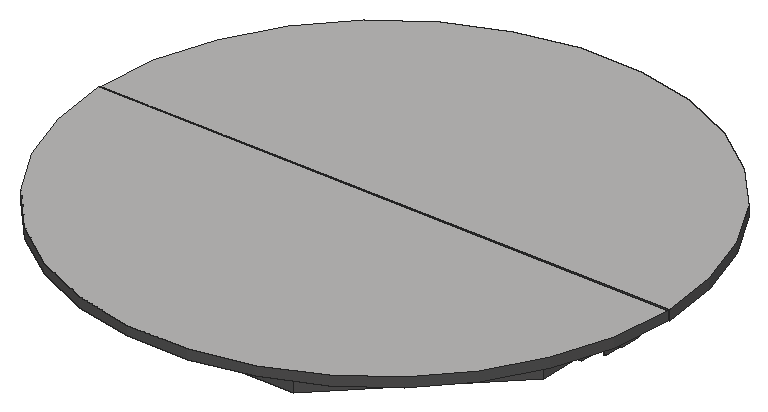
Revit family "22M 48 Round", category Furniture, Revit 2016
Family settings
  OmniClass Number = 23.40.20.00
  OmniClass Title = General Furniture and Specialties
  Work Plane-Based = No
  Always vertical = Yes
  Cut with Voids When Loaded = No
  Shared = No
  Room Calculation Point = No
Parameters
  Top [instance] = Palmer Hamilton Lt Gry
  Open [instance] = yes
  Model = "22M132948RD"
  Height [instance] = 2' - 5"
  Frame [instance] = Palmer Hamilton Black
  Edge [instance] = Palmer Hamilton Black
  Closed [instance] = no
Reference planes (in)
  plane 1 "Center Front/Back": y = 0
  plane 2: z = 0
  plane 3 "Center Left/Right": x = 0
  plane 4: z = 29
  plane 5: z = 28.1875
Forms (in)
  Extrusion 1, solid, visible <- "Open"
    sketch origin (0, 0, 0) x (1, 0, 0) y (0, 1, 0)
      loop
        arc (-23.99992, -0.0625) -> (0, -24) -> (23.99992, -0.0625) r 24
        line (23.99992, -0.0625) -> (-23.99992, -0.0625)
    from 28.1875 to 29
  Extrusion 2, solid, material "Palmer Hamilton Black" <- "Frame", visible <- "Open"
    sketch origin (0, 0, 0) x (1, 0, 0) y (0, 1, 0)
      loop
        line (-20.0625, -5) -> (-20.0625, -8.28854) -> (-8.35104, -20) -> (8.35104, -20) -> (20.0625, -8.28854) -> (20.0625, -5) -> (19.5625, -5) -> (19.5625, -8.08144) -> (8.14394, -19.5) -> (-8.14394, -19.5) -> (-19.5625, -8.08144) -> (-19.5625, -5) -> (-20.0625, -5)
    from 26.04911 to 28.1875
  Extrusion 3, solid, visible <- "Closed"
    sketch origin (0, 23.4815, 38.40979) x (1, 0, 0) y (0, 0.017452, 0.999848)
      loop
        arc (-23.98751, -0.80703) -> (0, -24.48596) -> (23.98751, -0.80703) r 23.98952
        line (23.98751, -0.80703) -> (-23.98751, -0.80703)
    from 26.1875 to 27
  Extrusion 4, solid, material "Palmer Hamilton Black" <- "Frame", visible <- "Closed"
    sketch origin (0, 23.46852, 37.6661) x (1, 0, 0) y (0, 0.017452, 0.999848)
      loop
        line (-20.0625, -5.00072) -> (-20.0625, -8.28854) -> (-8.35104, -20) -> (8.35104, -20) -> (20.0625, -8.28854) -> (20.0625, -5) -> (19.5625, -5) -> (19.5625, -8.08144) -> (8.14394, -19.5) -> (-8.14394, -19.5) -> (-19.5625, -8.08144) -> (-19.5625, -5.00072) -> (-20.0625, -5.00072)
    from 24.04911 to 26.1875
  Extrusion 5, solid, visible <- "Open"
    sketch origin (0, 0, 0) x (-1, 0, 0) y (0, -1, 0)
      loop
        arc (-23.99992, -0.0625) -> (0, -24) -> (23.99992, -0.0625) r 24
        line (23.99992, -0.0625) -> (-23.99992, -0.0625)
    from 28.1875 to 29
  Extrusion 6, solid, material "Palmer Hamilton Black" <- "Frame", visible <- "Open"
    sketch origin (0, 0, 0) x (-1, 0, 0) y (0, -1, 0)
      loop
        line (-20.0625, -5) -> (-20.0625, -8.28854) -> (-8.35104, -20) -> (8.35104, -20) -> (20.0625, -8.28854) -> (20.0625, -5) -> (19.5625, -5) -> (19.5625, -8.08144) -> (8.14394, -19.5) -> (-8.14394, -19.5) -> (-19.5625, -8.08144) -> (-19.5625, -5) -> (-20.0625, -5)
    from 26.04911 to 28.1875
  Extrusion 7, solid, visible <- "Closed"
    sketch origin (0, -23.4815, 38.40979) x (-1, 0, 0) y (0, -0.017452, 0.999848)
      loop
        arc (-23.98751, -0.80703) -> (0, -24.48596) -> (23.98751, -0.80703) r 23.98952
        line (23.98751, -0.80703) -> (-23.98751, -0.80703)
    from 26.1875 to 27
  Extrusion 8, solid, material "Palmer Hamilton Black" <- "Frame", visible <- "Closed"
    sketch origin (0, -23.46852, 37.6661) x (-1, 0, 0) y (0, -0.017452, 0.999848)
      loop
        line (-20.0625, -5.00072) -> (-20.0625, -8.28854) -> (-8.35104, -20) -> (8.35104, -20) -> (20.0625, -8.28854) -> (20.0625, -5) -> (19.5625, -5) -> (19.5625, -8.08144) -> (8.14394, -19.5) -> (-8.14394, -19.5) -> (-19.5625, -8.08144) -> (-19.5625, -5.00072) -> (-20.0625, -5.00072)
    from 24.04911 to 26.1875
  Extrusion 9, solid, material "Palmer Hamilton Black" <- "Frame", visible <- "Open"
    sketch origin (0, 0, 5) x (0, 1, 0) y (0, 0, 1)
      loop
        line (0.5625, 20.44279) -> (0.5625, 22.17483) -> (-1.05432, 22.17483) -> (-1.05432, 22.61495) -> (-2.319, 22.61495) -> (-2.319, 23.1875) -> (-11.819, 23.1875) -> (-11.819, 21.04911) -> (-4.819, 21.04911) -> (-4.12777, 20.56511) -> (-2.19922, 20.56511)
        arc (-2.19922, 20.56511) -> (-1.96819, 20.47396) -> (-1.80353, 20.28804) r 0.53311
        line (-1.80353, 20.28804) -> (-1.74766, 20.07952)
        arc (-1.74766, 20.07952) -> (-1.6893, 19.93864) -> (-1.54842, 19.88029) r 0.19923
        line (-1.54842, 19.88029) -> (0, 19.88029)
        arc (0, 19.88029) -> (0.39775, 20.04504) -> (0.5625, 20.44279) r 0.5625
    from -14.745 to -14.6404
  Extrusion 10, solid, material "Palmer Hamilton Black" <- "Frame", visible <- "Open"
    sketch origin (0, 0, 5) x (0, 1, 0) y (0, 0, 1)
      loop
        line (0.5625, 20.44279) -> (0.5625, 22.17483) -> (-1.05432, 22.17483) -> (-1.05432, 22.61495) -> (-2.319, 22.61495) -> (-2.319, 23.1875) -> (-7.92553, 23.1875) -> (-7.92553, 21.04911) -> (-4.819, 21.04911) -> (-4.12777, 20.56511) -> (-2.19922, 20.56511)
        arc (-2.19922, 20.56511) -> (-1.96819, 20.47396) -> (-1.80353, 20.28804) r 0.53311
        line (-1.80353, 20.28804) -> (-1.74766, 20.07952)
        arc (-1.74766, 20.07952) -> (-1.6893, 19.93864) -> (-1.54842, 19.88029) r 0.19923
        line (-1.54842, 19.88029) -> (0, 19.88029)
        arc (0, 19.88029) -> (0.39775, 20.04504) -> (0.5625, 20.44279) r 0.5625
    from -20.12 to -20
  Extrusion 11, solid, material "Palmer Hamilton Black" <- "Frame", visible <- "Open"
    sketch origin (0, 0, 5) x (0, 1, 0) y (0, 0, 1)
      loop
        line (0.5625, 20.44279) -> (0.5625, 22.17483) -> (-1.05432, 22.17483) -> (-1.05432, 22.61495) -> (-2.319, 22.61495) -> (-2.319, 23.1875) -> (-11.819, 23.1875) -> (-11.819, 21.04911) -> (-4.819, 21.04911) -> (-4.12777, 20.56511) -> (-2.19922, 20.56511)
        arc (-2.19922, 20.56511) -> (-1.96819, 20.47396) -> (-1.80353, 20.28804) r 0.53311
        line (-1.80353, 20.28804) -> (-1.74766, 20.07952)
        arc (-1.74766, 20.07952) -> (-1.6893, 19.93864) -> (-1.54842, 19.88029) r 0.19923
        line (-1.54842, 19.88029) -> (0, 19.88029)
        arc (0, 19.88029) -> (0.39775, 20.04504) -> (0.5625, 20.44279) r 0.5625
    from 14.5204 to 14.625
  Extrusion 12, solid, material "Palmer Hamilton Black" <- "Frame", visible <- "Open"
    sketch origin (0, 0, 5) x (0, 1, 0) y (0, 0, 1)
      loop
        line (0.5625, 20.44279) -> (0.5625, 22.17483) -> (-1.05432, 22.17483) -> (-1.05432, 22.61495) -> (-2.319, 22.61495) -> (-2.319, 23.1875) -> (-8.11977, 23.1875) -> (-8.11977, 21.04911) -> (-4.819, 21.04911) -> (-4.12777, 20.56511) -> (-2.19922, 20.56511)
        arc (-2.19922, 20.56511) -> (-1.96819, 20.47396) -> (-1.80353, 20.28804) r 0.53311
        line (-1.80353, 20.28804) -> (-1.74766, 20.07952)
        arc (-1.74766, 20.07952) -> (-1.6893, 19.93864) -> (-1.54842, 19.88029) r 0.19923
        line (-1.54842, 19.88029) -> (0, 19.88029)
        arc (0, 19.88029) -> (0.39775, 20.04504) -> (0.5625, 20.44279) r 0.5625
    from 19.8804 to 20
  Extrusion 13, solid, material "Palmer Hamilton Black" <- "Frame", visible <- "Closed"
    sketch origin (0, 23.43372, 40.67249) x (0, 0.017452, 0.999848) y (0, -0.999848, 0.017452)
      loop
        line (-2.43704, 23.39043) -> (-2.43704, 25.12248) -> (-4.05386, 25.12248) -> (-4.05386, 25.5626) -> (-5.31854, 25.5626) -> (-5.31854, 26.13514) -> (-14.81854, 26.13514) -> (-14.81854, 23.99675) -> (-7.81854, 23.99675) -> (-7.12731, 23.51275) -> (-5.19876, 23.51275)
        arc (-5.19876, 23.51275) -> (-4.96774, 23.4216) -> (-4.80307, 23.23569) r 0.53311
        line (-4.80307, 23.23569) -> (-4.7472, 23.02716)
        arc (-4.7472, 23.02716) -> (-4.68885, 22.88628) -> (-4.54797, 22.82793) r 0.19923
        line (-4.54797, 22.82793) -> (-2.99954, 22.82793)
        arc (-2.99954, 22.82793) -> (-2.6018, 22.99268) -> (-2.43704, 23.39043) r 0.5625
    from -14.745 to -14.6404
  Extrusion 14, solid, material "Palmer Hamilton Black" <- "Frame", visible <- "Closed"
    sketch origin (0, 23.43372, 40.67249) x (0, 0.017452, 0.999848) y (0, -0.999848, 0.017452)
      loop
        line (-2.43704, 23.39043) -> (-2.43704, 25.12248) -> (-4.05386, 25.12248) -> (-4.05386, 25.5626) -> (-5.31854, 25.5626) -> (-5.31854, 26.13514) -> (-14.81854, 26.13514) -> (-14.81854, 23.99675) -> (-7.81854, 23.99675) -> (-7.12731, 23.51275) -> (-5.19876, 23.51275)
        arc (-5.19876, 23.51275) -> (-4.96774, 23.4216) -> (-4.80307, 23.23569) r 0.53311
        line (-4.80307, 23.23569) -> (-4.7472, 23.02716)
        arc (-4.7472, 23.02716) -> (-4.68885, 22.88628) -> (-4.54797, 22.82793) r 0.19923
        line (-4.54797, 22.82793) -> (-2.99954, 22.82793)
        arc (-2.99954, 22.82793) -> (-2.6018, 22.99268) -> (-2.43704, 23.39043) r 0.5625
    from -20.12 to -20
  Extrusion 15, solid, material "Palmer Hamilton Black" <- "Frame", visible <- "Closed"
    sketch origin (0, 23.43372, 40.67249) x (0, 0.017452, 0.999848) y (0, -0.999848, 0.017452)
      loop
        line (-2.43704, 23.39043) -> (-2.43704, 25.12248) -> (-4.05386, 25.12248) -> (-4.05386, 25.5626) -> (-5.31854, 25.5626) -> (-5.31854, 26.13514) -> (-14.81854, 26.13514) -> (-14.81854, 23.99675) -> (-7.81854, 23.99675) -> (-7.12731, 23.51275) -> (-5.19876, 23.51275)
        arc (-5.19876, 23.51275) -> (-4.96774, 23.4216) -> (-4.80307, 23.23569) r 0.53311
        line (-4.80307, 23.23569) -> (-4.7472, 23.02716)
        arc (-4.7472, 23.02716) -> (-4.68885, 22.88628) -> (-4.54797, 22.82793) r 0.19923
        line (-4.54797, 22.82793) -> (-2.99954, 22.82793)
        arc (-2.99954, 22.82793) -> (-2.6018, 22.99268) -> (-2.43704, 23.39043) r 0.5625
    from 14.5204 to 14.625
  Extrusion 16, solid, material "Palmer Hamilton Black" <- "Frame", visible <- "Closed"
    sketch origin (0, 23.43372, 40.67249) x (0, 0.017452, 0.999848) y (0, -0.999848, 0.017452)
      loop
        line (-2.43704, 23.39043) -> (-2.43704, 25.12248) -> (-4.05386, 25.12248) -> (-4.05386, 25.5626) -> (-5.31854, 25.5626) -> (-5.31854, 26.13514) -> (-14.81854, 26.13514) -> (-14.81854, 23.99675) -> (-7.81854, 23.99675) -> (-7.12731, 23.51275) -> (-5.19876, 23.51275)
        arc (-5.19876, 23.51275) -> (-4.96774, 23.4216) -> (-4.80307, 23.23569) r 0.53311
        line (-4.80307, 23.23569) -> (-4.7472, 23.02716)
        arc (-4.7472, 23.02716) -> (-4.68885, 22.88628) -> (-4.54797, 22.82793) r 0.19923
        line (-4.54797, 22.82793) -> (-2.99954, 22.82793)
        arc (-2.99954, 22.82793) -> (-2.6018, 22.99268) -> (-2.43704, 23.39043) r 0.5625
    from 19.8804 to 20
  Extrusion 17, solid, material "Palmer Hamilton Black" <- "Frame", visible <- "Closed"
    sketch origin (0, 23.43372, 40.67249) x (0, 0.017452, 0.999848) y (0, -0.999848, 0.017452)
      loop
        line (-2.43704, 23.39043) -> (-2.43704, 25.12248) -> (-4.05386, 25.12248) -> (-4.05386, 25.5626) -> (-5.31854, 25.5626) -> (-5.31854, 26.13514) -> (-14.81854, 26.13514) -> (-14.81854, 23.99675) -> (-7.81854, 23.99675) -> (-7.12731, 23.51275) -> (-5.19876, 23.51275)
        arc (-5.19876, 23.51275) -> (-4.96774, 23.4216) -> (-4.80307, 23.23569) r 0.53311
        line (-4.80307, 23.23569) -> (-4.7472, 23.02716)
        arc (-4.7472, 23.02716) -> (-4.68885, 22.88628) -> (-4.54797, 22.82793) r 0.19923
        line (-4.54797, 22.82793) -> (-2.99954, 22.82793)
        arc (-2.99954, 22.82793) -> (-2.6018, 22.99268) -> (-2.43704, 23.39043) r 0.5625
    from -1.40625 to -1.28125
  Extrusion 18, solid, material "Palmer Hamilton Black" <- "Frame", visible <- "Open"
    sketch origin (0, 0, 5) x (0, 1, 0) y (0, 0, 1)
      loop
        line (0.5625, 20.44279) -> (0.5625, 22.17483) -> (-1.05432, 22.17483) -> (-1.05432, 22.61495) -> (-2.319, 22.61495) -> (-2.319, 23.1875) -> (-11.819, 23.1875) -> (-11.819, 21.04911) -> (-4.819, 21.04911) -> (-4.12777, 20.56511) -> (-2.19922, 20.56511)
        arc (-2.19922, 20.56511) -> (-1.96819, 20.47396) -> (-1.80353, 20.28804) r 0.53311
        line (-1.80353, 20.28804) -> (-1.74766, 20.07952)
        arc (-1.74766, 20.07952) -> (-1.6893, 19.93864) -> (-1.54842, 19.88029) r 0.19923
        line (-1.54842, 19.88029) -> (0, 19.88029)
        arc (0, 19.88029) -> (0.39775, 20.04504) -> (0.5625, 20.44279) r 0.5625
    from -1.40625 to -1.28125
  Extrusion 19, solid, material "Palmer Hamilton Black" <- "Frame", visible <- "Open"
    sketch origin (0, 0, 5) x (0, -1, 0) y (0, 0, 1)
      loop
        line (0.5625, 20.44279) -> (0.5625, 22.17483) -> (-1.05432, 22.17483) -> (-1.05432, 22.61495) -> (-2.319, 22.61495) -> (-2.319, 23.1875) -> (-11.819, 23.1875) -> (-11.819, 21.04911) -> (-4.819, 21.04911) -> (-4.12777, 20.56511) -> (-2.19922, 20.56511)
        arc (-2.19922, 20.56511) -> (-1.96819, 20.47396) -> (-1.80353, 20.28804) r 0.53311
        line (-1.80353, 20.28804) -> (-1.74766, 20.07952)
        arc (-1.74766, 20.07952) -> (-1.6893, 19.93864) -> (-1.54842, 19.88029) r 0.19923
        line (-1.54842, 19.88029) -> (0, 19.88029)
        arc (0, 19.88029) -> (0.39775, 20.04504) -> (0.5625, 20.44279) r 0.5625
    from -14.745 to -14.6404
  Extrusion 20, solid, material "Palmer Hamilton Black" <- "Frame", visible <- "Open"
    sketch origin (0, 0, 5) x (0, -1, 0) y (0, 0, 1)
      loop
        line (0.5625, 20.44279) -> (0.5625, 22.17483) -> (-1.05432, 22.17483) -> (-1.05432, 22.61495) -> (-2.319, 22.61495) -> (-2.319, 23.1875) -> (-8.00208, 23.1875) -> (-8.00208, 21.04911) -> (-4.819, 21.04911) -> (-4.12777, 20.56511) -> (-2.19922, 20.56511)
        arc (-2.19922, 20.56511) -> (-1.96819, 20.47396) -> (-1.80353, 20.28804) r 0.53311
        line (-1.80353, 20.28804) -> (-1.74766, 20.07952)
        arc (-1.74766, 20.07952) -> (-1.6893, 19.93864) -> (-1.54842, 19.88029) r 0.19923
        line (-1.54842, 19.88029) -> (0, 19.88029)
        arc (0, 19.88029) -> (0.39775, 20.04504) -> (0.5625, 20.44279) r 0.5625
    from -20.12 to -20
  Extrusion 21, solid, material "Palmer Hamilton Black" <- "Frame", visible <- "Open"
    sketch origin (0, 0, 5) x (0, -1, 0) y (0, 0, 1)
      loop
        line (0.5625, 20.44279) -> (0.5625, 22.17483) -> (-1.05432, 22.17483) -> (-1.05432, 22.61495) -> (-2.319, 22.61495) -> (-2.319, 23.1875) -> (-11.819, 23.1875) -> (-11.819, 21.04911) -> (-4.819, 21.04911) -> (-4.12777, 20.56511) -> (-2.19922, 20.56511)
        arc (-2.19922, 20.56511) -> (-1.96819, 20.47396) -> (-1.80353, 20.28804) r 0.53311
        line (-1.80353, 20.28804) -> (-1.74766, 20.07952)
        arc (-1.74766, 20.07952) -> (-1.6893, 19.93864) -> (-1.54842, 19.88029) r 0.19923
        line (-1.54842, 19.88029) -> (0, 19.88029)
        arc (0, 19.88029) -> (0.39775, 20.04504) -> (0.5625, 20.44279) r 0.5625
    from 14.5204 to 14.625
  Extrusion 22, solid, material "Palmer Hamilton Black" <- "Frame", visible <- "Open"
    sketch origin (0, 0, 5) x (0, -1, 0) y (0, 0, 1)
      loop
        line (0.5625, 20.44279) -> (0.5625, 22.17483) -> (-1.05432, 22.17483) -> (-1.05432, 22.61495) -> (-2.319, 22.61495) -> (-2.319, 23.1875) -> (-7.90496, 23.1875) -> (-7.90496, 21.04911) -> (-4.819, 21.04911) -> (-4.12777, 20.56511) -> (-2.19922, 20.56511)
        arc (-2.19922, 20.56511) -> (-1.96819, 20.47396) -> (-1.80353, 20.28804) r 0.53311
        line (-1.80353, 20.28804) -> (-1.74766, 20.07952)
        arc (-1.74766, 20.07952) -> (-1.6893, 19.93864) -> (-1.54842, 19.88029) r 0.19923
        line (-1.54842, 19.88029) -> (0, 19.88029)
        arc (0, 19.88029) -> (0.39775, 20.04504) -> (0.5625, 20.44279) r 0.5625
    from 19.8804 to 20
  Extrusion 23, solid, material "Palmer Hamilton Black" <- "Frame", visible <- "Closed"
    sketch origin (0, -23.43372, 40.67249) x (0, -0.017452, 0.999848) y (0, 0.999848, 0.017452)
      loop
        line (-2.43704, 23.39043) -> (-2.43704, 25.12248) -> (-4.05386, 25.12248) -> (-4.05386, 25.5626) -> (-5.31854, 25.5626) -> (-5.31854, 26.13514) -> (-14.81854, 26.13514) -> (-14.81854, 23.99675) -> (-7.81854, 23.99675) -> (-7.12731, 23.51275) -> (-5.19876, 23.51275)
        arc (-5.19876, 23.51275) -> (-4.96774, 23.4216) -> (-4.80307, 23.23569) r 0.53311
        line (-4.80307, 23.23569) -> (-4.7472, 23.02716)
        arc (-4.7472, 23.02716) -> (-4.68885, 22.88628) -> (-4.54797, 22.82793) r 0.19923
        line (-4.54797, 22.82793) -> (-2.99954, 22.82793)
        arc (-2.99954, 22.82793) -> (-2.6018, 22.99268) -> (-2.43704, 23.39043) r 0.5625
    from -14.745 to -14.6404
  Extrusion 24, solid, material "Palmer Hamilton Black" <- "Frame", visible <- "Closed"
    sketch origin (0, -23.43372, 40.67249) x (0, -0.017452, 0.999848) y (0, 0.999848, 0.017452)
      loop
        line (-2.43704, 23.39043) -> (-2.43704, 25.12248) -> (-4.05386, 25.12248) -> (-4.05386, 25.5626) -> (-5.31854, 25.5626) -> (-5.31854, 26.13514) -> (-14.81854, 26.13514) -> (-14.81854, 23.99675) -> (-7.81854, 23.99675) -> (-7.12731, 23.51275) -> (-5.19876, 23.51275)
        arc (-5.19876, 23.51275) -> (-4.96774, 23.4216) -> (-4.80307, 23.23569) r 0.53311
        line (-4.80307, 23.23569) -> (-4.7472, 23.02716)
        arc (-4.7472, 23.02716) -> (-4.68885, 22.88628) -> (-4.54797, 22.82793) r 0.19923
        line (-4.54797, 22.82793) -> (-2.99954, 22.82793)
        arc (-2.99954, 22.82793) -> (-2.6018, 22.99268) -> (-2.43704, 23.39043) r 0.5625
    from -20.12 to -20
  Extrusion 25, solid, material "Palmer Hamilton Black" <- "Frame", visible <- "Closed"
    sketch origin (0, -23.43372, 40.67249) x (0, -0.017452, 0.999848) y (0, 0.999848, 0.017452)
      loop
        line (-2.43704, 23.39043) -> (-2.43704, 25.12248) -> (-4.05386, 25.12248) -> (-4.05386, 25.5626) -> (-5.31854, 25.5626) -> (-5.31854, 26.13514) -> (-14.81854, 26.13514) -> (-14.81854, 23.99675) -> (-7.81854, 23.99675) -> (-7.12731, 23.51275) -> (-5.19876, 23.51275)
        arc (-5.19876, 23.51275) -> (-4.96774, 23.4216) -> (-4.80307, 23.23569) r 0.53311
        line (-4.80307, 23.23569) -> (-4.7472, 23.02716)
        arc (-4.7472, 23.02716) -> (-4.68885, 22.88628) -> (-4.54797, 22.82793) r 0.19923
        line (-4.54797, 22.82793) -> (-2.99954, 22.82793)
        arc (-2.99954, 22.82793) -> (-2.6018, 22.99268) -> (-2.43704, 23.39043) r 0.5625
    from 14.5204 to 14.625
  Extrusion 26, solid, material "Palmer Hamilton Black" <- "Frame", visible <- "Closed"
    sketch origin (0, -23.43372, 40.67249) x (0, -0.017452, 0.999848) y (0, 0.999848, 0.017452)
      loop
        line (-2.43704, 23.39043) -> (-2.43704, 25.12248) -> (-4.05386, 25.12248) -> (-4.05386, 25.5626) -> (-5.31854, 25.5626) -> (-5.31854, 26.13514) -> (-14.81854, 26.13514) -> (-14.81854, 23.99675) -> (-7.81854, 23.99675) -> (-7.12731, 23.51275) -> (-5.19876, 23.51275)
        arc (-5.19876, 23.51275) -> (-4.96774, 23.4216) -> (-4.80307, 23.23569) r 0.53311
        line (-4.80307, 23.23569) -> (-4.7472, 23.02716)
        arc (-4.7472, 23.02716) -> (-4.68885, 22.88628) -> (-4.54797, 22.82793) r 0.19923
        line (-4.54797, 22.82793) -> (-2.99954, 22.82793)
        arc (-2.99954, 22.82793) -> (-2.6018, 22.99268) -> (-2.43704, 23.39043) r 0.5625
    from 19.8804 to 20
  Extrusion 27, solid, material "Palmer Hamilton Black" <- "Frame", visible <- "Closed"
    sketch origin (0, -23.43372, 40.67249) x (0, -0.017452, 0.999848) y (0, 0.999848, 0.017452)
      loop
        line (-2.43704, 23.39043) -> (-2.43704, 25.12248) -> (-4.05386, 25.12248) -> (-4.05386, 25.5626) -> (-5.31854, 25.5626) -> (-5.31854, 26.13514) -> (-14.81854, 26.13514) -> (-14.81854, 23.99675) -> (-7.81854, 23.99675) -> (-7.12731, 23.51275) -> (-5.19876, 23.51275)
        arc (-5.19876, 23.51275) -> (-4.96774, 23.4216) -> (-4.80307, 23.23569) r 0.53311
        line (-4.80307, 23.23569) -> (-4.7472, 23.02716)
        arc (-4.7472, 23.02716) -> (-4.68885, 22.88628) -> (-4.54797, 22.82793) r 0.19923
        line (-4.54797, 22.82793) -> (-2.99954, 22.82793)
        arc (-2.99954, 22.82793) -> (-2.6018, 22.99268) -> (-2.43704, 23.39043) r 0.5625
    from -1.40625 to -1.28125
  Extrusion 28, solid, material "Palmer Hamilton Black" <- "Frame", visible <- "Open"
    sketch origin (0, 0, 5) x (0, -1, 0) y (0, 0, 1)
      loop
        line (0.5625, 20.44279) -> (0.5625, 22.17483) -> (-1.05432, 22.17483) -> (-1.05432, 22.61495) -> (-2.319, 22.61495) -> (-2.319, 23.1875) -> (-11.819, 23.1875) -> (-11.819, 21.04911) -> (-4.819, 21.04911) -> (-4.12777, 20.56511) -> (-2.19922, 20.56511)
        arc (-2.19922, 20.56511) -> (-1.96819, 20.47396) -> (-1.80353, 20.28804) r 0.53311
        line (-1.80353, 20.28804) -> (-1.74766, 20.07952)
        arc (-1.74766, 20.07952) -> (-1.6893, 19.93864) -> (-1.54842, 19.88029) r 0.19923
        line (-1.54842, 19.88029) -> (0, 19.88029)
        arc (0, 19.88029) -> (0.39775, 20.04504) -> (0.5625, 20.44279) r 0.5625
    from -1.40625 to -1.28125
Dimensions and locks (in)
  locked: plane 4 to plane 5 at 0.8125
  "Height": plane 4 to level
  locked: Extrusion 1 sketch curve to plane 1 "Center Front/Back" at 0.0625
  locked: Extrusion 2 to plane 5 at 2.13839
  aligned and locked: level to plane 2
  aligned and locked: plane 4 to Extrusion 1
  aligned and locked: plane 5 to Extrusion 1
  aligned and locked: Extrusion 2 to plane 5
  aligned and locked: plane 4 to Extrusion 5
  aligned and locked: plane 5 to Extrusion 5
  aligned and locked: Extrusion 6 to plane 5
  aligned and locked: Extrusion 6 to Extrusion 2
Automatic sketch dimensions
  plane 1 "Center Front/Back" to Extrusion 1 sketch curve = 0' - 0"
  Extrusion 1 sketch curve to plane 3 "Center Left/Right" = 0' - 0"
  Extrusion 1 sketch curve to plane 3 "Center Left/Right" = 1' - 11.99992"
  plane 1 "Center Front/Back" to Extrusion 2 sketch curve = 0' - 8.28854"
  Extrusion 2 sketch curve to plane 3 "Center Left/Right" = 1' - 8 1/16"
  plane 1 "Center Front/Back" to Extrusion 2 sketch curve = 0' - 8.08144"
  Extrusion 2 sketch curve to Extrusion 2 sketch curve = 0' - 0 1/2"  (x3)
  Extrusion 2 sketch curve to plane 3 "Center Left/Right" = 0' - 8.35104"
  Extrusion 2 sketch curve to Extrusion 2 sketch curve = 0' - 0.20711"  (x3)
  plane 3 "Center Left/Right" to Extrusion 2 sketch curve = 0' - 8.14394"
  plane 1 "Center Front/Back" to Extrusion 2 sketch curve = 0' - 5"
  Extrusion 2 sketch curve to Extrusion 2 sketch curve = 0' - 11.41856"
  Extrusion 2 sketch curve to Extrusion 2 sketch curve = 1' - 2 1/2"
  Extrusion 2 sketch curve to Extrusion 2 sketch curve = 0' - 3.28854"
  Extrusion 2 sketch curve to Extrusion 2 sketch curve = 0' - 3.08144"
  Extrusion 3 sketch curve to Extrusion 3 sketch curve = 0' - 0.31059"
  Extrusion 4 sketch curve to Extrusion 4 sketch curve = 0' - 0 1/2"  (x3)
  Extrusion 4 sketch curve to Extrusion 4 sketch curve = 0' - 0.20711"  (x4)
  Extrusion 4 sketch curve to Extrusion 4 sketch curve = 0' - 11.41856"
  Extrusion 4 sketch curve to Extrusion 4 sketch curve = 0' - 11.21146"  (x3)
  Extrusion 4 sketch curve to Extrusion 4 sketch curve = 0' - 3.08072"
  Extrusion 4 sketch curve to Extrusion 4 sketch curve = 0' - 3.08144"
  Extrusion 3 sketch curve to Extrusion 3 sketch curve = 1' - 11.98751"
  Extrusion 4 sketch curve to Extrusion 4 sketch curve = 1' - 4.28787"
  Extrusion 3 sketch curve to plane 3 "Center Left/Right" = 0' - 0"
  Extrusion 4 sketch curve to plane 3 "Center Left/Right" = 1' - 8 1/16"
  plane 1 "Center Front/Back" to Extrusion 5 sketch curve = 0' - 0"
  Extrusion 5 sketch curve to plane 3 "Center Left/Right" = 0' - 0"
  Extrusion 5 sketch curve to plane 1 "Center Front/Back" = 0' - 0 1/16"
  plane 3 "Center Left/Right" to Extrusion 5 sketch curve = 1' - 11.99992"
  Extrusion 6 sketch curve to plane 1 "Center Front/Back" = 0' - 8.28854"
  plane 3 "Center Left/Right" to Extrusion 6 sketch curve = 1' - 8 1/16"
  Extrusion 6 sketch curve to plane 1 "Center Front/Back" = 0' - 8.08144"
  Extrusion 6 sketch curve to Extrusion 6 sketch curve = 0' - 0 1/2"  (x3)
  plane 3 "Center Left/Right" to Extrusion 6 sketch curve = 0' - 8.35104"
  Extrusion 6 sketch curve to Extrusion 6 sketch curve = 0' - 0.20711"  (x3)
  Extrusion 6 sketch curve to plane 3 "Center Left/Right" = 0' - 8.14394"
  Extrusion 6 sketch curve to plane 1 "Center Front/Back" = 0' - 5"
  Extrusion 6 sketch curve to Extrusion 6 sketch curve = 0' - 11.41856"
  Extrusion 6 sketch curve to Extrusion 6 sketch curve = 1' - 2 1/2"
  Extrusion 6 sketch curve to Extrusion 6 sketch curve = 0' - 3.28854"
  Extrusion 6 sketch curve to Extrusion 6 sketch curve = 0' - 3.08144"
  Extrusion 7 sketch curve to plane 3 "Center Left/Right" = 0' - 0"
  plane 3 "Center Left/Right" to Extrusion 7 sketch curve = 1' - 11.98751"
  Extrusion 7 sketch curve to Extrusion 7 sketch curve = 0' - 0.31059"
  plane 3 "Center Left/Right" to Extrusion 8 sketch curve = 1' - 8 1/16"
  Extrusion 8 sketch curve to Extrusion 8 sketch curve = 0' - 0 1/2"  (x3)
  plane 3 "Center Left/Right" to Extrusion 8 sketch curve = 0' - 8.35104"
  Extrusion 8 sketch curve to Extrusion 8 sketch curve = 0' - 0.20711"  (x4)
  Extrusion 8 sketch curve to plane 3 "Center Left/Right" = 0' - 8.14394"
  Extrusion 8 sketch curve to Extrusion 8 sketch curve = 0' - 11.41856"
  Extrusion 8 sketch curve to Extrusion 8 sketch curve = 0' - 11.21146"  (x2)
  Extrusion 8 sketch curve to Extrusion 8 sketch curve = 0' - 3.08072"
  Extrusion 8 sketch curve to Extrusion 8 sketch curve = 0' - 3.08144"
  Extrusion 9 sketch curve to plane 1 "Center Front/Back" = 0' - 0"
  plane 1 "Center Front/Back" to Extrusion 9 sketch curve = 0' - 1.05432"
  plane 1 "Center Front/Back" to Extrusion 9 sketch curve = 0' - 1.54842"
  Extrusion 9 sketch curve to Extrusion 9 sketch curve = 0' - 0 51/256"
  Extrusion 9 sketch curve to Extrusion 9 sketch curve = 0' - 0.05587"
  Extrusion 9 sketch curve to Extrusion 9 sketch curve = 0' - 0.39569"
  Extrusion 9 sketch curve to Extrusion 9 sketch curve = 0' - 0.52631"
  Extrusion 9 sketch curve to Extrusion 9 sketch curve = 0' - 1.26468"
  Extrusion 9 sketch curve to Extrusion 9 sketch curve = 0' - 1.8538"
  Extrusion 9 sketch curve to Extrusion 9 sketch curve = 0' - 0.69123"
  Extrusion 9 sketch curve to Extrusion 9 sketch curve = 0' - 7"
  Extrusion 9 sketch curve to plane 1 "Center Front/Back" = 0' - 0 9/16"
  plane 5 to Extrusion 9 sketch curve = 0' - 3.30721"
  Extrusion 9 sketch curve to Extrusion 9 sketch curve = 0' - 0.04225"
  Extrusion 9 sketch curve to Extrusion 9 sketch curve = 0' - 0.20852"
  Extrusion 9 sketch curve to Extrusion 9 sketch curve = 0' - 0.484"
  Extrusion 9 sketch curve to Extrusion 9 sketch curve = 0' - 1.73205"
  Extrusion 9 sketch curve to Extrusion 9 sketch curve = 0' - 0.44012"
  Extrusion 9 sketch curve to Extrusion 9 sketch curve = 0' - 0.57255"
  Extrusion 10 sketch curve to plane 1 "Center Front/Back" = 0' - 0"
  plane 1 "Center Front/Back" to Extrusion 10 sketch curve = 0' - 1.05432"
  plane 1 "Center Front/Back" to Extrusion 10 sketch curve = 0' - 1.54842"
  Extrusion 10 sketch curve to Extrusion 10 sketch curve = 0' - 0 51/256"
  Extrusion 10 sketch curve to Extrusion 10 sketch curve = 0' - 0.05587"
  Extrusion 10 sketch curve to Extrusion 10 sketch curve = 0' - 0.39569"
  Extrusion 10 sketch curve to Extrusion 10 sketch curve = 0' - 0.52631"
  Extrusion 10 sketch curve to Extrusion 10 sketch curve = 0' - 1.26468"
  Extrusion 10 sketch curve to Extrusion 10 sketch curve = 0' - 1.8538"
  Extrusion 10 sketch curve to Extrusion 10 sketch curve = 0' - 0.69123"
  Extrusion 10 sketch curve to Extrusion 10 sketch curve = 0' - 3.10653"
  Extrusion 10 sketch curve to plane 1 "Center Front/Back" = 0' - 0 9/16"
  plane 5 to Extrusion 10 sketch curve = 0' - 3.30721"
  Extrusion 10 sketch curve to Extrusion 10 sketch curve = 0' - 0.04225"
  Extrusion 10 sketch curve to Extrusion 10 sketch curve = 0' - 0.20852"
  Extrusion 10 sketch curve to Extrusion 10 sketch curve = 0' - 0.484"
  Extrusion 10 sketch curve to Extrusion 10 sketch curve = 0' - 1.73205"
  Extrusion 10 sketch curve to Extrusion 10 sketch curve = 0' - 0.44012"
  Extrusion 10 sketch curve to Extrusion 10 sketch curve = 0' - 0.57255"
  Extrusion 11 sketch curve to plane 1 "Center Front/Back" = 0' - 0"
  plane 1 "Center Front/Back" to Extrusion 11 sketch curve = 0' - 1.05432"
  plane 1 "Center Front/Back" to Extrusion 11 sketch curve = 0' - 1.54842"
  Extrusion 11 sketch curve to Extrusion 11 sketch curve = 0' - 0 51/256"
  Extrusion 11 sketch curve to Extrusion 11 sketch curve = 0' - 0.05587"
  Extrusion 11 sketch curve to Extrusion 11 sketch curve = 0' - 0.39569"
  Extrusion 11 sketch curve to Extrusion 11 sketch curve = 0' - 0.52631"
  Extrusion 11 sketch curve to Extrusion 11 sketch curve = 0' - 1.26468"
  Extrusion 11 sketch curve to Extrusion 11 sketch curve = 0' - 1.8538"
  Extrusion 11 sketch curve to Extrusion 11 sketch curve = 0' - 0.69123"
  Extrusion 11 sketch curve to Extrusion 11 sketch curve = 0' - 7"
  Extrusion 11 sketch curve to plane 1 "Center Front/Back" = 0' - 0 9/16"
  plane 5 to Extrusion 11 sketch curve = 0' - 3.30721"
  Extrusion 11 sketch curve to Extrusion 11 sketch curve = 0' - 0.04225"
  Extrusion 11 sketch curve to Extrusion 11 sketch curve = 0' - 0.20852"
  Extrusion 11 sketch curve to Extrusion 11 sketch curve = 0' - 0.484"
  Extrusion 11 sketch curve to Extrusion 11 sketch curve = 0' - 1.73205"
  Extrusion 11 sketch curve to Extrusion 11 sketch curve = 0' - 0.44012"
  Extrusion 11 sketch curve to Extrusion 11 sketch curve = 0' - 0.57255"
  Extrusion 12 sketch curve to plane 1 "Center Front/Back" = 0' - 0"
  plane 1 "Center Front/Back" to Extrusion 12 sketch curve = 0' - 1.05432"
  plane 1 "Center Front/Back" to Extrusion 12 sketch curve = 0' - 1.54842"
  Extrusion 12 sketch curve to Extrusion 12 sketch curve = 0' - 0 51/256"
  Extrusion 12 sketch curve to Extrusion 12 sketch curve = 0' - 0.05587"
  Extrusion 12 sketch curve to Extrusion 12 sketch curve = 0' - 0.39569"
  Extrusion 12 sketch curve to Extrusion 12 sketch curve = 0' - 0.52631"
  Extrusion 12 sketch curve to Extrusion 12 sketch curve = 0' - 1.26468"
  Extrusion 12 sketch curve to Extrusion 12 sketch curve = 0' - 1.8538"
  Extrusion 12 sketch curve to Extrusion 12 sketch curve = 0' - 0.69123"
  Extrusion 12 sketch curve to Extrusion 12 sketch curve = 0' - 3 77/256"
  Extrusion 12 sketch curve to plane 1 "Center Front/Back" = 0' - 0 9/16"
  plane 5 to Extrusion 12 sketch curve = 0' - 3.30721"
  Extrusion 12 sketch curve to Extrusion 12 sketch curve = 0' - 0.04225"
  Extrusion 12 sketch curve to Extrusion 12 sketch curve = 0' - 0.20852"
  Extrusion 12 sketch curve to Extrusion 12 sketch curve = 0' - 0.484"
  Extrusion 12 sketch curve to Extrusion 12 sketch curve = 0' - 1.73205"
  Extrusion 12 sketch curve to Extrusion 12 sketch curve = 0' - 0.44012"
  Extrusion 12 sketch curve to Extrusion 12 sketch curve = 0' - 0.57255"
  plane 1 "Center Front/Back" to Extrusion 13 sketch curve = 0' - 0.818"
  plane 5 to Extrusion 13 sketch curve = 0' - 1.9125"
  Extrusion 13 sketch curve to Extrusion 13 sketch curve = 0' - 7"
  Extrusion 13 sketch curve to Extrusion 13 sketch curve = 0' - 0.69123"
  Extrusion 13 sketch curve to Extrusion 13 sketch curve = 0' - 1.80877"
  Extrusion 13 sketch curve to Extrusion 13 sketch curve = 0' - 1.8538"
  Extrusion 13 sketch curve to Extrusion 13 sketch curve = 0' - 0.07475"
  Extrusion 13 sketch curve to Extrusion 13 sketch curve = 0' - 0.39569"
  Extrusion 13 sketch curve to Extrusion 13 sketch curve = 0' - 0.05587"
  Extrusion 13 sketch curve to Extrusion 13 sketch curve = 0' - 0 51/256"
  Extrusion 13 sketch curve to Extrusion 13 sketch curve = 0' - 1.26468"
  Extrusion 13 sketch curve to Extrusion 13 sketch curve = 0' - 1.54842"
  Extrusion 13 sketch curve to Extrusion 13 sketch curve = 0' - 1.61682"
  Extrusion 13 sketch curve to Extrusion 13 sketch curve = 0' - 0.484"
  Extrusion 13 sketch curve to Extrusion 13 sketch curve = 0' - 0.12232"
  Extrusion 13 sketch curve to Extrusion 13 sketch curve = 0' - 0.20852"
  Extrusion 13 sketch curve to Extrusion 13 sketch curve = 0' - 1.73205"
  Extrusion 13 sketch curve to Extrusion 13 sketch curve = 0' - 0.44012"
  Extrusion 13 sketch curve to Extrusion 13 sketch curve = 0' - 0.57255"
  plane 1 "Center Front/Back" to Extrusion 14 sketch curve = 0' - 0.818"
  plane 5 to Extrusion 14 sketch curve = 0' - 1.9125"
  Extrusion 14 sketch curve to Extrusion 14 sketch curve = 0' - 7"
  Extrusion 14 sketch curve to Extrusion 14 sketch curve = 0' - 0.69123"
  Extrusion 14 sketch curve to Extrusion 14 sketch curve = 0' - 1.80877"
  Extrusion 14 sketch curve to Extrusion 14 sketch curve = 0' - 1.8538"
  Extrusion 14 sketch curve to Extrusion 14 sketch curve = 0' - 0.07475"
  Extrusion 14 sketch curve to Extrusion 14 sketch curve = 0' - 0.39569"
  Extrusion 14 sketch curve to Extrusion 14 sketch curve = 0' - 0.05587"
  Extrusion 14 sketch curve to Extrusion 14 sketch curve = 0' - 0 51/256"
  Extrusion 14 sketch curve to Extrusion 14 sketch curve = 0' - 1.26468"
  Extrusion 14 sketch curve to Extrusion 14 sketch curve = 0' - 1.54842"
  Extrusion 14 sketch curve to Extrusion 14 sketch curve = 0' - 1.61682"
  Extrusion 14 sketch curve to Extrusion 14 sketch curve = 0' - 0.484"
  Extrusion 14 sketch curve to Extrusion 14 sketch curve = 0' - 0.12232"
  Extrusion 14 sketch curve to Extrusion 14 sketch curve = 0' - 0.20852"
  Extrusion 14 sketch curve to Extrusion 14 sketch curve = 0' - 1.73205"
  Extrusion 14 sketch curve to Extrusion 14 sketch curve = 0' - 0.44012"
  Extrusion 14 sketch curve to Extrusion 14 sketch curve = 0' - 0.57255"
  plane 1 "Center Front/Back" to Extrusion 15 sketch curve = 0' - 0.818"
  plane 5 to Extrusion 15 sketch curve = 0' - 1.9125"
  Extrusion 15 sketch curve to Extrusion 15 sketch curve = 0' - 7"
  Extrusion 15 sketch curve to Extrusion 15 sketch curve = 0' - 0.69123"
  Extrusion 15 sketch curve to Extrusion 15 sketch curve = 0' - 1.80877"
  Extrusion 15 sketch curve to Extrusion 15 sketch curve = 0' - 1.8538"
  Extrusion 15 sketch curve to Extrusion 15 sketch curve = 0' - 0.07475"
  Extrusion 15 sketch curve to Extrusion 15 sketch curve = 0' - 0.39569"
  Extrusion 15 sketch curve to Extrusion 15 sketch curve = 0' - 0.05587"
  Extrusion 15 sketch curve to Extrusion 15 sketch curve = 0' - 0 51/256"
  Extrusion 15 sketch curve to Extrusion 15 sketch curve = 0' - 1.26468"
  Extrusion 15 sketch curve to Extrusion 15 sketch curve = 0' - 1.54842"
  Extrusion 15 sketch curve to Extrusion 15 sketch curve = 0' - 1.61682"
  Extrusion 15 sketch curve to Extrusion 15 sketch curve = 0' - 0.484"
  Extrusion 15 sketch curve to Extrusion 15 sketch curve = 0' - 0.12232"
  Extrusion 15 sketch curve to Extrusion 15 sketch curve = 0' - 0.20852"
  Extrusion 15 sketch curve to Extrusion 15 sketch curve = 0' - 1.73205"
  Extrusion 15 sketch curve to Extrusion 15 sketch curve = 0' - 0.44012"
  Extrusion 15 sketch curve to Extrusion 15 sketch curve = 0' - 0.57255"
  plane 1 "Center Front/Back" to Extrusion 16 sketch curve = 0' - 0.818"
  plane 5 to Extrusion 16 sketch curve = 0' - 1.9125"
  Extrusion 16 sketch curve to Extrusion 16 sketch curve = 0' - 7"
  Extrusion 16 sketch curve to Extrusion 16 sketch curve = 0' - 0.69123"
  Extrusion 16 sketch curve to Extrusion 16 sketch curve = 0' - 1.80877"
  Extrusion 16 sketch curve to Extrusion 16 sketch curve = 0' - 1.8538"
  Extrusion 16 sketch curve to Extrusion 16 sketch curve = 0' - 0.07475"
  Extrusion 16 sketch curve to Extrusion 16 sketch curve = 0' - 0.39569"
  Extrusion 16 sketch curve to Extrusion 16 sketch curve = 0' - 0.05587"
  Extrusion 16 sketch curve to Extrusion 16 sketch curve = 0' - 0 51/256"
  Extrusion 16 sketch curve to Extrusion 16 sketch curve = 0' - 1.26468"
  Extrusion 16 sketch curve to Extrusion 16 sketch curve = 0' - 1.54842"
  Extrusion 16 sketch curve to Extrusion 16 sketch curve = 0' - 1.61682"
  Extrusion 16 sketch curve to Extrusion 16 sketch curve = 0' - 0.484"
  Extrusion 16 sketch curve to Extrusion 16 sketch curve = 0' - 0.12232"
  Extrusion 16 sketch curve to Extrusion 16 sketch curve = 0' - 0.20852"
  Extrusion 16 sketch curve to Extrusion 16 sketch curve = 0' - 1.73205"
  Extrusion 16 sketch curve to Extrusion 16 sketch curve = 0' - 0.44012"
  Extrusion 16 sketch curve to Extrusion 16 sketch curve = 0' - 0.57255"
  plane 1 "Center Front/Back" to Extrusion 17 sketch curve = 0' - 0.818"
  plane 5 to Extrusion 17 sketch curve = 0' - 1.9125"
  Extrusion 17 sketch curve to Extrusion 17 sketch curve = 0' - 7"
  Extrusion 17 sketch curve to Extrusion 17 sketch curve = 0' - 0.69123"
  Extrusion 17 sketch curve to Extrusion 17 sketch curve = 0' - 1.80877"
  Extrusion 17 sketch curve to Extrusion 17 sketch curve = 0' - 1.8538"
  Extrusion 17 sketch curve to Extrusion 17 sketch curve = 0' - 0.07475"
  Extrusion 17 sketch curve to Extrusion 17 sketch curve = 0' - 0.39569"
  Extrusion 17 sketch curve to Extrusion 17 sketch curve = 0' - 0.05587"
  Extrusion 17 sketch curve to Extrusion 17 sketch curve = 0' - 0 51/256"
  Extrusion 17 sketch curve to Extrusion 17 sketch curve = 0' - 1.26468"
  Extrusion 17 sketch curve to Extrusion 17 sketch curve = 0' - 1.54842"
  Extrusion 17 sketch curve to Extrusion 17 sketch curve = 0' - 1.61682"
  Extrusion 17 sketch curve to Extrusion 17 sketch curve = 0' - 0.484"
  Extrusion 17 sketch curve to Extrusion 17 sketch curve = 0' - 0.12232"
  Extrusion 17 sketch curve to Extrusion 17 sketch curve = 0' - 0.20852"
  Extrusion 17 sketch curve to Extrusion 17 sketch curve = 0' - 1.73205"
  Extrusion 17 sketch curve to Extrusion 17 sketch curve = 0' - 0.44012"
  Extrusion 17 sketch curve to Extrusion 17 sketch curve = 0' - 0.57255"
  Extrusion 18 sketch curve to plane 1 "Center Front/Back" = 0' - 0"
  plane 1 "Center Front/Back" to Extrusion 18 sketch curve = 0' - 1.05432"
  plane 1 "Center Front/Back" to Extrusion 18 sketch curve = 0' - 1.54842"
  Extrusion 18 sketch curve to Extrusion 18 sketch curve = 0' - 0 51/256"
  Extrusion 18 sketch curve to Extrusion 18 sketch curve = 0' - 0.05587"
  Extrusion 18 sketch curve to Extrusion 18 sketch curve = 0' - 0.39569"
  Extrusion 18 sketch curve to Extrusion 18 sketch curve = 0' - 0.52631"
  Extrusion 18 sketch curve to Extrusion 18 sketch curve = 0' - 1.26468"
  Extrusion 18 sketch curve to Extrusion 18 sketch curve = 0' - 1.8538"
  Extrusion 18 sketch curve to Extrusion 18 sketch curve = 0' - 0.69123"
  Extrusion 18 sketch curve to Extrusion 18 sketch curve = 0' - 7"
  Extrusion 18 sketch curve to plane 1 "Center Front/Back" = 0' - 0 9/16"
  plane 5 to Extrusion 18 sketch curve = 0' - 3.30721"
  Extrusion 18 sketch curve to Extrusion 18 sketch curve = 0' - 0.04225"
  Extrusion 18 sketch curve to Extrusion 18 sketch curve = 0' - 0.20852"
  Extrusion 18 sketch curve to Extrusion 18 sketch curve = 0' - 0.484"
  Extrusion 18 sketch curve to Extrusion 18 sketch curve = 0' - 1.73205"
  Extrusion 18 sketch curve to Extrusion 18 sketch curve = 0' - 0.44012"
  Extrusion 18 sketch curve to Extrusion 18 sketch curve = 0' - 0.57255"
  Extrusion 19 sketch curve to plane 1 "Center Front/Back" = 0' - 0"
  Extrusion 19 sketch curve to plane 1 "Center Front/Back" = 0' - 1.05432"
  Extrusion 19 sketch curve to plane 1 "Center Front/Back" = 0' - 1.54842"
  Extrusion 19 sketch curve to Extrusion 19 sketch curve = 0' - 0 51/256"
  Extrusion 19 sketch curve to Extrusion 19 sketch curve = 0' - 0.05587"
  Extrusion 19 sketch curve to Extrusion 19 sketch curve = 0' - 0.39569"
  Extrusion 19 sketch curve to Extrusion 19 sketch curve = 0' - 0.52631"
  Extrusion 19 sketch curve to Extrusion 19 sketch curve = 0' - 1.26468"
  Extrusion 19 sketch curve to Extrusion 19 sketch curve = 0' - 1.8538"
  Extrusion 19 sketch curve to Extrusion 19 sketch curve = 0' - 0.69123"
  Extrusion 19 sketch curve to Extrusion 19 sketch curve = 0' - 7"
  plane 1 "Center Front/Back" to Extrusion 19 sketch curve = 0' - 0 9/16"
  plane 5 to Extrusion 19 sketch curve = 0' - 3.30721"
  Extrusion 19 sketch curve to Extrusion 19 sketch curve = 0' - 0.04225"
  Extrusion 19 sketch curve to Extrusion 19 sketch curve = 0' - 0.20852"
  Extrusion 19 sketch curve to Extrusion 19 sketch curve = 0' - 0.484"
  Extrusion 19 sketch curve to Extrusion 19 sketch curve = 0' - 1.73205"
  Extrusion 19 sketch curve to Extrusion 19 sketch curve = 0' - 0.44012"
  Extrusion 19 sketch curve to Extrusion 19 sketch curve = 0' - 0.57255"
  Extrusion 20 sketch curve to plane 1 "Center Front/Back" = 0' - 0"
  Extrusion 20 sketch curve to plane 1 "Center Front/Back" = 0' - 1.05432"
  Extrusion 20 sketch curve to plane 1 "Center Front/Back" = 0' - 1.54842"
  Extrusion 20 sketch curve to Extrusion 20 sketch curve = 0' - 0 51/256"
  Extrusion 20 sketch curve to Extrusion 20 sketch curve = 0' - 0.05587"
  Extrusion 20 sketch curve to Extrusion 20 sketch curve = 0' - 0.39569"
  Extrusion 20 sketch curve to Extrusion 20 sketch curve = 0' - 0.52631"
  Extrusion 20 sketch curve to Extrusion 20 sketch curve = 0' - 1.26468"
  Extrusion 20 sketch curve to Extrusion 20 sketch curve = 0' - 1.8538"
  Extrusion 20 sketch curve to Extrusion 20 sketch curve = 0' - 0.69123"
  Extrusion 20 sketch curve to Extrusion 20 sketch curve = 0' - 3.18308"
  plane 1 "Center Front/Back" to Extrusion 20 sketch curve = 0' - 0 9/16"
  plane 5 to Extrusion 20 sketch curve = 0' - 3.30721"
  Extrusion 20 sketch curve to Extrusion 20 sketch curve = 0' - 0.04225"
  Extrusion 20 sketch curve to Extrusion 20 sketch curve = 0' - 0.20852"
  Extrusion 20 sketch curve to Extrusion 20 sketch curve = 0' - 0.484"
  Extrusion 20 sketch curve to Extrusion 20 sketch curve = 0' - 1.73205"
  Extrusion 20 sketch curve to Extrusion 20 sketch curve = 0' - 0.44012"
  Extrusion 20 sketch curve to Extrusion 20 sketch curve = 0' - 0.57255"
  Extrusion 21 sketch curve to plane 1 "Center Front/Back" = 0' - 0"
  Extrusion 21 sketch curve to plane 1 "Center Front/Back" = 0' - 1.05432"
  Extrusion 21 sketch curve to plane 1 "Center Front/Back" = 0' - 1.54842"
  Extrusion 21 sketch curve to Extrusion 21 sketch curve = 0' - 0 51/256"
  Extrusion 21 sketch curve to Extrusion 21 sketch curve = 0' - 0.05587"
  Extrusion 21 sketch curve to Extrusion 21 sketch curve = 0' - 0.39569"
  Extrusion 21 sketch curve to Extrusion 21 sketch curve = 0' - 0.52631"
  Extrusion 21 sketch curve to Extrusion 21 sketch curve = 0' - 1.26468"
  Extrusion 21 sketch curve to Extrusion 21 sketch curve = 0' - 1.8538"
  Extrusion 21 sketch curve to Extrusion 21 sketch curve = 0' - 0.69123"
  Extrusion 21 sketch curve to Extrusion 21 sketch curve = 0' - 7"
  plane 1 "Center Front/Back" to Extrusion 21 sketch curve = 0' - 0 9/16"
  plane 5 to Extrusion 21 sketch curve = 0' - 3.30721"
  Extrusion 21 sketch curve to Extrusion 21 sketch curve = 0' - 0.04225"
  Extrusion 21 sketch curve to Extrusion 21 sketch curve = 0' - 0.20852"
  Extrusion 21 sketch curve to Extrusion 21 sketch curve = 0' - 0.484"
  Extrusion 21 sketch curve to Extrusion 21 sketch curve = 0' - 1.73205"
  Extrusion 21 sketch curve to Extrusion 21 sketch curve = 0' - 0.44012"
  Extrusion 21 sketch curve to Extrusion 21 sketch curve = 0' - 0.57255"
  Extrusion 22 sketch curve to plane 1 "Center Front/Back" = 0' - 0"
  Extrusion 22 sketch curve to plane 1 "Center Front/Back" = 0' - 1.05432"
  Extrusion 22 sketch curve to plane 1 "Center Front/Back" = 0' - 1.54842"
  Extrusion 22 sketch curve to Extrusion 22 sketch curve = 0' - 0 51/256"
  Extrusion 22 sketch curve to Extrusion 22 sketch curve = 0' - 0.05587"
  Extrusion 22 sketch curve to Extrusion 22 sketch curve = 0' - 0.39569"
  Extrusion 22 sketch curve to Extrusion 22 sketch curve = 0' - 0.52631"
  Extrusion 22 sketch curve to Extrusion 22 sketch curve = 0' - 1.26468"
  Extrusion 22 sketch curve to Extrusion 22 sketch curve = 0' - 1.8538"
  Extrusion 22 sketch curve to Extrusion 22 sketch curve = 0' - 0.69123"
  Extrusion 22 sketch curve to Extrusion 22 sketch curve = 0' - 3.08596"
  plane 1 "Center Front/Back" to Extrusion 22 sketch curve = 0' - 0 9/16"
  plane 5 to Extrusion 22 sketch curve = 0' - 3.30721"
  Extrusion 22 sketch curve to Extrusion 22 sketch curve = 0' - 0.04225"
  Extrusion 22 sketch curve to Extrusion 22 sketch curve = 0' - 0.20852"
  Extrusion 22 sketch curve to Extrusion 22 sketch curve = 0' - 0.484"
  Extrusion 22 sketch curve to Extrusion 22 sketch curve = 0' - 1.73205"
  Extrusion 22 sketch curve to Extrusion 22 sketch curve = 0' - 0.44012"
  Extrusion 22 sketch curve to Extrusion 22 sketch curve = 0' - 0.57255"
  Extrusion 23 sketch curve to plane 1 "Center Front/Back" = 0' - 0.818"
  plane 5 to Extrusion 23 sketch curve = 0' - 1.9125"
  Extrusion 23 sketch curve to Extrusion 23 sketch curve = 0' - 7"
  Extrusion 23 sketch curve to Extrusion 23 sketch curve = 0' - 0.69123"
  Extrusion 23 sketch curve to Extrusion 23 sketch curve = 0' - 1.80877"
  Extrusion 23 sketch curve to Extrusion 23 sketch curve = 0' - 1.8538"
  Extrusion 23 sketch curve to Extrusion 23 sketch curve = 0' - 0.07475"
  Extrusion 23 sketch curve to Extrusion 23 sketch curve = 0' - 0.39569"
  Extrusion 23 sketch curve to Extrusion 23 sketch curve = 0' - 0.05587"
  Extrusion 23 sketch curve to Extrusion 23 sketch curve = 0' - 0 51/256"
  Extrusion 23 sketch curve to Extrusion 23 sketch curve = 0' - 1.26468"
  Extrusion 23 sketch curve to Extrusion 23 sketch curve = 0' - 1.54842"
  Extrusion 23 sketch curve to Extrusion 23 sketch curve = 0' - 1.61682"
  Extrusion 23 sketch curve to Extrusion 23 sketch curve = 0' - 0.484"
  Extrusion 23 sketch curve to Extrusion 23 sketch curve = 0' - 0.12232"
  Extrusion 23 sketch curve to Extrusion 23 sketch curve = 0' - 0.20852"
  Extrusion 23 sketch curve to Extrusion 23 sketch curve = 0' - 1.73205"
  Extrusion 23 sketch curve to Extrusion 23 sketch curve = 0' - 0.44012"
  Extrusion 23 sketch curve to Extrusion 23 sketch curve = 0' - 0.57255"
  Extrusion 24 sketch curve to plane 1 "Center Front/Back" = 0' - 0.818"
  plane 5 to Extrusion 24 sketch curve = 0' - 1.9125"
  Extrusion 24 sketch curve to Extrusion 24 sketch curve = 0' - 7"
  Extrusion 24 sketch curve to Extrusion 24 sketch curve = 0' - 0.69123"
  Extrusion 24 sketch curve to Extrusion 24 sketch curve = 0' - 1.80877"
  Extrusion 24 sketch curve to Extrusion 24 sketch curve = 0' - 1.8538"
  Extrusion 24 sketch curve to Extrusion 24 sketch curve = 0' - 0.07475"
  Extrusion 24 sketch curve to Extrusion 24 sketch curve = 0' - 0.39569"
  Extrusion 24 sketch curve to Extrusion 24 sketch curve = 0' - 0.05587"
  Extrusion 24 sketch curve to Extrusion 24 sketch curve = 0' - 0 51/256"
  Extrusion 24 sketch curve to Extrusion 24 sketch curve = 0' - 1.26468"
  Extrusion 24 sketch curve to Extrusion 24 sketch curve = 0' - 1.54842"
  Extrusion 24 sketch curve to Extrusion 24 sketch curve = 0' - 1.61682"
  Extrusion 24 sketch curve to Extrusion 24 sketch curve = 0' - 0.484"
  Extrusion 24 sketch curve to Extrusion 24 sketch curve = 0' - 0.12232"
  Extrusion 24 sketch curve to Extrusion 24 sketch curve = 0' - 0.20852"
  Extrusion 24 sketch curve to Extrusion 24 sketch curve = 0' - 1.73205"
  Extrusion 24 sketch curve to Extrusion 24 sketch curve = 0' - 0.44012"
  Extrusion 24 sketch curve to Extrusion 24 sketch curve = 0' - 0.57255"
  Extrusion 25 sketch curve to plane 1 "Center Front/Back" = 0' - 0.818"
  plane 5 to Extrusion 25 sketch curve = 0' - 1.9125"
  Extrusion 25 sketch curve to Extrusion 25 sketch curve = 0' - 7"
  Extrusion 25 sketch curve to Extrusion 25 sketch curve = 0' - 0.69123"
  Extrusion 25 sketch curve to Extrusion 25 sketch curve = 0' - 1.80877"
  Extrusion 25 sketch curve to Extrusion 25 sketch curve = 0' - 1.8538"
  Extrusion 25 sketch curve to Extrusion 25 sketch curve = 0' - 0.07475"
  Extrusion 25 sketch curve to Extrusion 25 sketch curve = 0' - 0.39569"
  Extrusion 25 sketch curve to Extrusion 25 sketch curve = 0' - 0.05587"
  Extrusion 25 sketch curve to Extrusion 25 sketch curve = 0' - 0 51/256"
  Extrusion 25 sketch curve to Extrusion 25 sketch curve = 0' - 1.26468"
  Extrusion 25 sketch curve to Extrusion 25 sketch curve = 0' - 1.54842"
  Extrusion 25 sketch curve to Extrusion 25 sketch curve = 0' - 1.61682"
  Extrusion 25 sketch curve to Extrusion 25 sketch curve = 0' - 0.484"
  Extrusion 25 sketch curve to Extrusion 25 sketch curve = 0' - 0.12232"
  Extrusion 25 sketch curve to Extrusion 25 sketch curve = 0' - 0.20852"
  Extrusion 25 sketch curve to Extrusion 25 sketch curve = 0' - 1.73205"
  Extrusion 25 sketch curve to Extrusion 25 sketch curve = 0' - 0.44012"
  Extrusion 25 sketch curve to Extrusion 25 sketch curve = 0' - 0.57255"
  Extrusion 26 sketch curve to plane 1 "Center Front/Back" = 0' - 0.818"
  plane 5 to Extrusion 26 sketch curve = 0' - 1.9125"
  Extrusion 26 sketch curve to Extrusion 26 sketch curve = 0' - 7"
  Extrusion 26 sketch curve to Extrusion 26 sketch curve = 0' - 0.69123"
  Extrusion 26 sketch curve to Extrusion 26 sketch curve = 0' - 1.80877"
  Extrusion 26 sketch curve to Extrusion 26 sketch curve = 0' - 1.8538"
  Extrusion 26 sketch curve to Extrusion 26 sketch curve = 0' - 0.07475"
  Extrusion 26 sketch curve to Extrusion 26 sketch curve = 0' - 0.39569"
  Extrusion 26 sketch curve to Extrusion 26 sketch curve = 0' - 0.05587"
  Extrusion 26 sketch curve to Extrusion 26 sketch curve = 0' - 0 51/256"
  Extrusion 26 sketch curve to Extrusion 26 sketch curve = 0' - 1.26468"
  Extrusion 26 sketch curve to Extrusion 26 sketch curve = 0' - 1.54842"
  Extrusion 26 sketch curve to Extrusion 26 sketch curve = 0' - 1.61682"
  Extrusion 26 sketch curve to Extrusion 26 sketch curve = 0' - 0.484"
  Extrusion 26 sketch curve to Extrusion 26 sketch curve = 0' - 0.12232"
  Extrusion 26 sketch curve to Extrusion 26 sketch curve = 0' - 0.20852"
  Extrusion 26 sketch curve to Extrusion 26 sketch curve = 0' - 1.73205"
  Extrusion 26 sketch curve to Extrusion 26 sketch curve = 0' - 0.44012"
  Extrusion 26 sketch curve to Extrusion 26 sketch curve = 0' - 0.57255"
  Extrusion 27 sketch curve to plane 1 "Center Front/Back" = 0' - 0.818"
  plane 5 to Extrusion 27 sketch curve = 0' - 1.9125"
  Extrusion 27 sketch curve to Extrusion 27 sketch curve = 0' - 7"
  Extrusion 27 sketch curve to Extrusion 27 sketch curve = 0' - 0.69123"
  Extrusion 27 sketch curve to Extrusion 27 sketch curve = 0' - 1.80877"
  Extrusion 27 sketch curve to Extrusion 27 sketch curve = 0' - 1.8538"
  Extrusion 27 sketch curve to Extrusion 27 sketch curve = 0' - 0.07475"
  Extrusion 27 sketch curve to Extrusion 27 sketch curve = 0' - 0.39569"
  Extrusion 27 sketch curve to Extrusion 27 sketch curve = 0' - 0.05587"
  Extrusion 27 sketch curve to Extrusion 27 sketch curve = 0' - 0 51/256"
  Extrusion 27 sketch curve to Extrusion 27 sketch curve = 0' - 1.26468"
  Extrusion 27 sketch curve to Extrusion 27 sketch curve = 0' - 1.54842"
  Extrusion 27 sketch curve to Extrusion 27 sketch curve = 0' - 1.61682"
  Extrusion 27 sketch curve to Extrusion 27 sketch curve = 0' - 0.484"
  Extrusion 27 sketch curve to Extrusion 27 sketch curve = 0' - 0.12232"
  Extrusion 27 sketch curve to Extrusion 27 sketch curve = 0' - 0.20852"
  Extrusion 27 sketch curve to Extrusion 27 sketch curve = 0' - 1.73205"
  Extrusion 27 sketch curve to Extrusion 27 sketch curve = 0' - 0.44012"
  Extrusion 27 sketch curve to Extrusion 27 sketch curve = 0' - 0.57255"
  Extrusion 28 sketch curve to plane 1 "Center Front/Back" = 0' - 0"
  Extrusion 28 sketch curve to plane 1 "Center Front/Back" = 0' - 1.05432"
  Extrusion 28 sketch curve to plane 1 "Center Front/Back" = 0' - 1.54842"
  Extrusion 28 sketch curve to Extrusion 28 sketch curve = 0' - 0 51/256"
  Extrusion 28 sketch curve to Extrusion 28 sketch curve = 0' - 0.05587"
  Extrusion 28 sketch curve to Extrusion 28 sketch curve = 0' - 0.39569"
  Extrusion 28 sketch curve to Extrusion 28 sketch curve = 0' - 0.52631"
  Extrusion 28 sketch curve to Extrusion 28 sketch curve = 0' - 1.26468"
  Extrusion 28 sketch curve to Extrusion 28 sketch curve = 0' - 1.8538"
  Extrusion 28 sketch curve to Extrusion 28 sketch curve = 0' - 0.69123"
  Extrusion 28 sketch curve to Extrusion 28 sketch curve = 0' - 7"
  plane 1 "Center Front/Back" to Extrusion 28 sketch curve = 0' - 0 9/16"
  plane 5 to Extrusion 28 sketch curve = 0' - 3.30721"
  Extrusion 28 sketch curve to Extrusion 28 sketch curve = 0' - 0.04225"
  Extrusion 28 sketch curve to Extrusion 28 sketch curve = 0' - 0.20852"
  Extrusion 28 sketch curve to Extrusion 28 sketch curve = 0' - 0.484"
  Extrusion 28 sketch curve to Extrusion 28 sketch curve = 0' - 1.73205"
  Extrusion 28 sketch curve to Extrusion 28 sketch curve = 0' - 0.44012"
  Extrusion 28 sketch curve to Extrusion 28 sketch curve = 0' - 0.57255"
